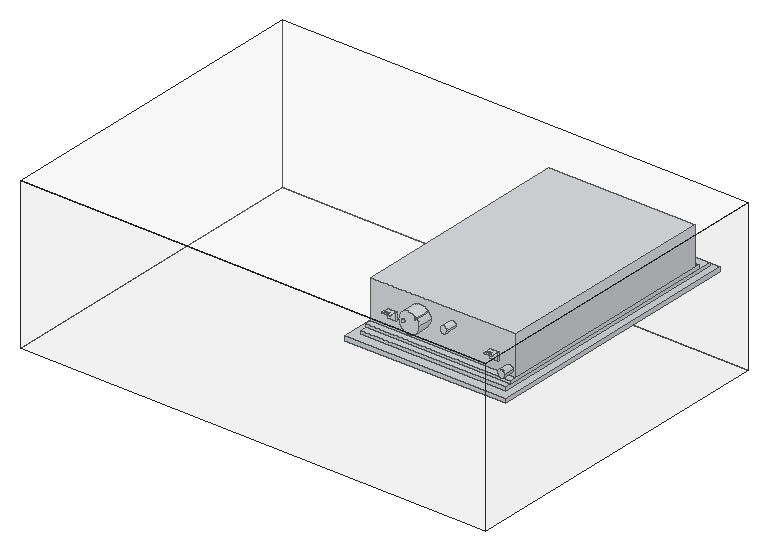
Revit family "pm-hrp40_80fa18_50Hz", category 機械設備, Revit 2019
Family settings
  丸型コネクタ寸法 = 直径を使用
  パーツ タイプ = 標準
  OmniClass 番号 = 23.75.10.24.21.27.27
  OmniClass タイトル = Split System Air Conditioning Units
  作業面ベース = いいえ
  常に垂直 = はい
  ロード時にボイドで切り取り = いいえ
  共有 = いいえ
  部屋計算ポイント = はい
Parameters (values of type "天井1方向_PM-HRP80FA18")
  風量（静）（m3／min） = 14
  風量（強）（m3／min） = 20
  風量（弱）（m3／min） = 16
  風量（中）（m3／min） = 18
  風量 = MAX風量  # 1200.0 m³/h
  音響パワーレベル（弱）(dB) = 51
  音響パワーレベル（中2）(dB) = 53
  音響パワーレベル（中1）(dB) = 55
  音響パワーレベル(dB) = 59
  電源種別 = ""
  電源_H = 60 mm
  電圧_電気ヒーター = 0 V
  電圧 = 200 V
  電動機出力_送風機 = 0.095 kW
  運転質量 = 0.00 kg
  連動 = ""
  質量 = if(製品質量 > 運転質量, 製品質量, 運転質量) * 1.2  # 40.20 kg
  負荷分類 = 3_ファン類
  構成品番 = "PM-HRP80FA"
  ドレン管径 (外径) = 32 mm
  ドレン管径 = 25 mm
  サービススペース = yes
  URL = "https://www.mitsubishielectric.co.jp/ldg/wink/ssl/displayProduct.do?pid=323456"
  説明 = "店舗・事務所用パッケージエアコン(Mr.SLIM) [本体]1方向天井カセット形"
  設計暖房能力 = 0.00 kW
  設計冷房能力_顕熱 = 0 kW
  設計冷房能力 = 0 kW
  設置方法 = "カセット形"
  記号 = ""
  製造元 = "三菱電機株式会社"
  製品質量 = 33.50 kg
  製品出荷対象 = "国内"
  製品リリース年月 = "2022/10/11"
  製品グループ = ""
  系統 = ""
  符号 = "PAC-CK1"
  積算_科目 = "1 空気調和設備"
  積算_拾い区分 [instance] = ""
  相 = 1
  盤記号 = ""
  発停方法 = "付属スイッチ"
  特殊仕様 = ""
  火災停止 = ""
  消費電力_電気ヒーター = 0.00 kW
  消費電力_暖房 = 0.10 kW
  消費電力_加湿器 = 0.00 kW
  消費電力_冷房 = 0.11 kW
  消費電力 = if(消費電力_冷房 > 消費電力_暖房, 消費電力_冷房, 消費電力_暖房) + 消費電力_加湿器 + 消費電力_電気ヒーター  # 0.11 kW
  法定耐用年数 = "6"
  極数 = 1
  材質 = ""
  本体マテリアル = none
  有効加湿量 = 0
  暖房能力 = 8.00 kW
  推奨ブレーカー容量 = 0 A
  形式_加湿器 = ""
  形式 = "1方向天井カセット形"
  幹線記号 = ""
  始動方式 = "直入"
  呼称 = "パッケージ形空気調和機_室内機"
  周波数 = 50 Hz
  吊り位置Y = 1173 mm
  吊り位置X = 510 mm
  吊りボルト_H = 117 mm
  台数_手元リモコン = ""
  台数_冷媒分岐ユニット = ""
  参照している仕様書等のバージョン = "公共建築工事標準仕様書（機械設備工事編）平成31年度版"
  加湿給水管径 = 0 mm
  分類コード = "50053003123030"
  分類グループ = ""
  冷房能力 = 7.1 kW
  冷媒高低圧ガス管径 = 0 mm
  冷媒管径符号 = "Bd"
  冷媒管径 = 100 mm
  冷媒液管高さ = 171 mm
  冷媒液管長さ = 72 mm
  冷媒液管径 = 9.5 mm
  冷媒ガス管高さ = 141 mm
  冷媒ガス管長さ = 72 mm
  冷媒ガス管径 = 15.9 mm
  企業コード = "108420"
  付属品_フィルター = ""
  付属品 = ""
  仕様書バージョン = "Version1.0"
  Model = ""
  パネルマテリアル = none
  ドレン管高さ = 159 mm
  コメント [instance] = ""
  ケーブル種類 = ""
  ケーブルサイズ = 0 mm
  Width = 724 mm
  Version = ""
  Uniclass2015Version = "Systems v1.9"
  Uniclass2015Title = "Split coil remote air cooled condensing units"
  Uniclass2015Code = "Pr_70_65_03_84"
  SpecificationReference = ""
  SpecificationDescription = ""
  S_H = 230 mm
  Revision = ""
  ProductInformation = ""
  Panel Width = 800 mm
  Panel Height = 20 mm
  Panel Depth = 1340 mm
  OmniClassCode = "23-33 17 13 11"
  MIN風量 = 風量（静）（m3／min） * 60.0 m³/h  # 840.0 m³/h
  MID風量2 = 風量（弱）（m3／min） * 60.0 m³/h  # 960.0 m³/h
  MID風量 = 風量（中）（m3／min） * 60.0 m³/h  # 1080.0 m³/h
  MAX風量 = 風量（強）（m3／min） * 60.0 m³/h  # 1200.0 m³/h
  IfcTypeProduct = ""
  IfcProduct = ""
  IfcExportType = "AIRCONDITIONINGUNIT"
  IfcExportAs = "IfcUnitaryEquipmentType"
  Height = 225 mm
  Depth = 1112 mm
  価格 = 390000
  Clearance Top = 230 mm
  Clearance Right = 20 mm
  Clearance Left = 1500 mm
  Clearance Front = 150 mm
  Clearance Bottom = 500 mm
  Clearance Back = 150 mm
  Author = "三菱電機株式会社"
Types (8, lengths in mm): name | 風量（静）（m3／min） | 風量（強）（m3／min） | 風量（弱）（m3／min） | 風量（中）（m3／min） | 風量 | 音響パワーレベル（弱）(dB) | 音響パワーレベル（中2）(dB) | 音響パワーレベル（中1）(dB) | 音響パワーレベル(dB) | 電源_H | 電動機出力_送風機 | 質量 | 構成品番 | URL | 製品質量 | 消費電力_暖房 | 消費電力_冷房 | 消費電力 | 暖房能力 | 冷房能力 | 冷媒管径符号 | 冷媒液管径 | 冷媒ガス管径 | MIN風量 | MID風量2 | MID風量 | MAX風量 | 価格
  天井1方向_PM-RP40FA18 | 11 | 15 | 12 | 14 | 900.0 m³/h | 47 | 50 | 52 | 55 | 60 | 0.09 kW | 37.80 kg | "PM-RP40FA" | "https://www.mitsubishielectric.co.jp/ldg/wink/ssl/displayProduct.do?pid=323478" | 31.50 kg | 0.07 kW | 0.08 kW | 0.08 kW | 4.00 kW | 3.6 kW | "Ac" | 6.4 | 12.7 | 660.0 m³/h | 720.0 m³/h | 840.0 m³/h | 900.0 m³/h | 300000
  天井1方向_PM-RP45FA18 | 11 | 15 | 12 | 14 | 900.0 m³/h | 47 | 50 | 52 | 55 | 60 | 0.09 kW | 37.80 kg | "PM-RP45FA" | "https://www.mitsubishielectric.co.jp/ldg/wink/ssl/displayProduct.do?pid=323451" | 31.50 kg | 0.07 kW | 0.08 kW | 0.08 kW | 4.50 kW | 4 kW | "Ac" | 6.4 | 12.7 | 660.0 m³/h | 720.0 m³/h | 840.0 m³/h | 900.0 m³/h | 309000
  天井1方向_PM-RP50FA18 | 11 | 15 | 12 | 14 | 900.0 m³/h | 47 | 50 | 52 | 55 | 60 | 0.09 kW | 37.80 kg | "PM-RP50FA" | "https://www.mitsubishielectric.co.jp/ldg/wink/ssl/displayProduct.do?pid=323452" | 31.50 kg | 0.07 kW | 0.08 kW | 0.08 kW | 5.00 kW | 4.5 kW | "Ac" | 6.4 | 12.7 | 660.0 m³/h | 720.0 m³/h | 840.0 m³/h | 900.0 m³/h | 334000
  天井1方向_PM-RP56FA18 | 14 | 17 | 15 | 16 | 1020.0 m³/h | 50 | 51 | 53 | 55 | 60 | 0.095 kW | 39.00 kg | "PM-RP56FA" | "https://www.mitsubishielectric.co.jp/ldg/wink/ssl/displayProduct.do?pid=323453" | 32.50 kg | 0.07 kW | 0.08 kW | 0.08 kW | 5.60 kW | 5 kW | "Ac" | 6.4 | 12.7 | 840.0 m³/h | 900.0 m³/h | 960.0 m³/h | 1020.0 m³/h | 346000
  天井1方向_PM-RP63FA18 | 14 | 19 | 16 | 17 | 1140.0 m³/h | 50 | 52 | 54 | 56 | 60 | 0.095 kW | 39.00 kg | "PM-RP63FA" | "https://www.mitsubishielectric.co.jp/ldg/wink/ssl/displayProduct.do?pid=323649" | 32.50 kg | 0.08 kW | 0.09 kW | 0.09 kW | 6.30 kW | 5.6 kW | "Ac" | 6.4 | 12.7 | 840.0 m³/h | 960.0 m³/h | 1020.0 m³/h | 1140.0 m³/h | 360000
  天井1方向_PM-RP71FA18 | 14 | 20 | 16 | 18 | 1200.0 m³/h | 51 | 53 | 55 | 58 | 60 | 0.095 kW | 39.00 kg | "PM-RP71FA" | "https://www.mitsubishielectric.co.jp/ldg/wink/ssl/displayProduct.do?pid=323454" | 32.50 kg | 0.09 kW | 0.10 kW | 0.10 kW | 7.00 kW | 6.3 kW | "Bd" | 9.5 | 15.9 | 840.0 m³/h | 960.0 m³/h | 1080.0 m³/h | 1200.0 m³/h | 366000
  天井1方向_PM-RP80FA18 | 14 | 20 | 16 | 18 | 1200.0 m³/h | 51 | 53 | 55 | 58 | 0 | 0.095 kW | 39.00 kg | "PM-RP80FA" | "https://www.mitsubishielectric.co.jp/ldg/wink/ssl/displayProduct.do?pid=323455" | 32.50 kg | 0.09 kW | 0.10 kW | 0.10 kW | 8.00 kW | 7.1 kW | "Bd" | 9.5 | 15.9 | 840.0 m³/h | 960.0 m³/h | 1080.0 m³/h | 1200.0 m³/h | 383000
  天井1方向_PM-HRP80FA18 | 14 | 20 | 16 | 18 | 1200.0 m³/h | 51 | 53 | 55 | 59 | 60 | 0.095 kW | 40.20 kg | "PM-HRP80FA" | "https://www.mitsubishielectric.co.jp/ldg/wink/ssl/displayProduct.do?pid=323456" | 33.50 kg | 0.10 kW | 0.11 kW | 0.11 kW | 8.00 kW | 7.1 kW | "Bd" | 9.5 | 15.9 | 840.0 m³/h | 960.0 m³/h | 1080.0 m³/h | 1200.0 m³/h | 390000
Reference planes
  plane 1 "中心(正面/背面)": y = 0
  plane 2: z = 0
  plane 3 "中心(左/右)": x = 0
  plane 4: x = -400
  plane 5: x = 400
  plane 6: y = 670
  plane 7: y = -670
  plane 8: z = 225
  plane 9: z = 230
  plane 10: x = -255
  plane 11: x = 255
  plane 12: y = 586.5
  plane 13: y = -586.5
  plane 14: y = 556
  plane 15: y = -556
  plane 16: x = -362
  plane 17: x = 362
  plane 18: x = -1900
  plane 19: x = 420
  plane 20: y = 820
  plane 21: y = -820
  plane 22: z = 230
  plane 23: z = -20
  plane 24: z = -520
Dimensions and locks
  equal spacing: plane 4, plane 3 "中心(左/右)", plane 5
  plane 4 to plane 5 = 800 mm
  equal spacing: plane 7, plane 1 "中心(正面/背面)", plane 6
  plane 4 to plane 10 = 145 mm
  plane 11 to plane 5 = 145 mm
  "S_H": plane 9 to level
  "吊り位置X": plane 10 to plane 11
  equal spacing: plane 10, plane 3 "中心(左/右)", plane 11
  equal spacing: plane 13, plane 1 "中心(正面/背面)", plane 12
  "吊り位置Y": plane 13 to plane 12
  equal spacing: plane 15, plane 1 "中心(正面/背面)", plane 14
  "Depth": plane 15 to plane 14
  equal spacing: plane 16, plane 3 "中心(左/右)", plane 17
  "Width": plane 16 to plane 17
  "Clearance Left": plane 18 to plane 4
  "Clearance Right": plane 5 to plane 19
  "Clearance Back": plane 6 to plane 20
  "Clearance Front": plane 21 to plane 7
  locked: level to plane 23 at 20
  "Clearance Bottom": plane 23 to plane 24
  "Clearance Top": plane 22 to level
  plane 12 to plane 6 = 83.5 mm
  plane 7 to plane 13 = 83.5 mm
  plane 7 to plane 6 = 1340 mm
  "Height": plane 8 to level
  aligned and locked: level to plane 2
  aligned and locked: plane 10 to nested 2
  aligned and locked: plane 11 to nested 2
  aligned and locked: nested 2 to plane 12
  aligned and locked: plane 13 to nested 2
  aligned and locked: plane 18 to nested 1
  aligned and locked: plane 19 to nested 1
  aligned and locked: nested 1 to plane 21
  aligned and locked: nested 1 to plane 20
  aligned and locked: plane 22 to nested 1
  aligned and locked: plane 24 to nested 1
  aligned and locked: plane 1 "中心(正面/背面)" to nested 3
  aligned and locked: nested 3 to plane 3 "中心(左/右)"
Nested families
  nested 1: "サービススペース" at (-740, 0, -145), visible <- "サービススペース", type "サービススペース"
    with Width 2320 mm, Height 750 mm, Depth 1640 mm
  nested 2: "固定点" at (-255, -586.5, 0), type "固定点"
    with W 510 mm, D 1173 mm
  nested 3: "PM-RP○○FA17" at (0, 0, 0) x (0, -1, 0) z (0, 0, 1), type "PM-RP○○FA17"
    with ユニット表示 yes, 液配管サイズ 9.5 mm, 冷媒液管径-Z 171 mm, 冷媒ガス管径-Z 141 mm, ドレン配管サイズ 32 mm, ガス配管サイズ 15.9 mm
Connectors
  piping at (47, -613, 159), diameter 25, driven by "ドレン管径"
    settings: on nested 3, index 1, connector inside diameter 609.6 mm, connector length 0 mm, flow factor 0, pipe flow 0.0 L/s, pressure drop 0.0 Pa, fitting loss kfactor 0, connector angle 0.00°, fixture units 0, engagement length 0 mm, angle of deflection 0.00°, flow configuration 1, flow direction 2, fitting loss method 4, system type 16, joint type 0, gender type 0, connector reference index -1, connector utility 0, adjustable connector no, is connector primary yes, connector description ""
  piping at (-113, -628, 141), diameter 100, driven by "冷媒管径", driven by "冷媒管径符号"
    settings: on nested 3, index 2, connector inside diameter 609.6 mm, connector length 0 mm, flow factor 0, pipe flow 0.0 L/s, pressure drop 0.0 Pa, fitting loss kfactor 0, connector angle 0.00°, fixture units 0, engagement length 0 mm, angle of deflection 0.00°, flow configuration 1, flow direction 1, fitting loss method 4, system type 7, joint type 0, gender type 0, connector reference index -1, connector utility 0, adjustable connector no, is connector primary no, connector description "Bd"
  electrical at (330, -606, 60), driven by "極数", driven by "負荷分類", driven by "電圧", driven by "消費電力"
    settings: on nested 3, index 3, voltage 200 V, apparent load 110 VA, apparent load phase1 0 VA, apparent load phase2 0 VA, apparent load phase3 0 VA, power factor 1, load classification "3_ファン類", number of poles 1, system type 30, power factor state 1, is connector primary yes, connector utility no, sub classification motor no, connector description ""
Definition of nested family "サービススペース"
  Parameters (values of type "サービススペース")
    Width [instance] = 500 mm
    Height [instance] = 500 mm
    Depth [instance] = 500 mm
  Reference planes
    plane 1 "中心(正面/背面)": y = 0
    plane 2: z = 0
    plane 3 "中心(左/右)": x = 0
    plane 4: y = -250
    plane 5: x = 250
    plane 6: y = 250
    plane 7: x = -250
    plane 8: z = 250
    plane 9: z = -250
  Forms (mm)
    Extrusion 1, solid
      sketch origin (-638.939, 0, 72.39) x (1, 0, 0) y (0, 1, 0)
        loop
          line (388.939, 250) -> (388.939, -250) -> (888.939, -250) -> (888.939, 250) -> (388.939, 250)
      from -322.39 to 177.61
  Lines and regions (mm)
    symbolic lines
      curve 1: line (-250, 0, 250) -> (250, 0, 250)
      curve 2: line (-250, 0, -250) -> (-250, 0, 250)
      curve 3: line (250, 0, -250) -> (-250, 0, -250)
      curve 4: line (250, 0, 250) -> (250, 0, -250)
      curve 5: line (0, -250, 250) -> (0, 250, 250)
      curve 6: line (0, -250, -250) -> (0, -250, 250)
      curve 7: line (0, 250, -250) -> (0, -250, -250)
      curve 8: line (0, 250, 250) -> (0, 250, -250)
      curve 9: line (-250, 250, 0) -> (250, 250, 0)
      curve 10: line (-250, -250, 0) -> (-250, 250, 0)
      curve 11: line (250, -250, 0) -> (-250, -250, 0)
      curve 12: line (250, 250, 0) -> (250, -250, 0)
  Dimensions and locks
    equal spacing: plane 7, plane 3 "中心(左/右)", plane 5
    equal spacing: plane 4, plane 1 "中心(正面/背面)", plane 6
    "Depth": plane 4 to plane 6
    "Width": plane 7 to plane 5
    equal spacing: plane 8, plane 2, plane 9
    "Height": plane 8 to plane 9
    aligned and locked: plane 9 to curve 3
    aligned and locked: plane 7 to curve 2
    aligned and locked: curve 4 to plane 5
    aligned and locked: plane 5 to Extrusion 1
    aligned and locked: Extrusion 1 to plane 7
    aligned and locked: Extrusion 1 to plane 9
    aligned and locked: plane 8 to Extrusion 1
    aligned and locked: plane 9 to curve 7
  Automatic sketch dimensions
    plane 4 to Extrusion 1 sketch curve = 0 mm
    Extrusion 1 sketch curve to plane 7 = 0 mm
    Extrusion 1 sketch curve to plane 5 = 0 mm
    plane 6 to Extrusion 1 sketch curve = 0 mm
    curve 2 to plane 8 = 0 mm
    plane 4 to curve 11 = 0 mm
    curve 11 to plane 7 = 0 mm
    curve 11 to plane 5 = 0 mm
    plane 6 to curve 10 = 0 mm
    curve 7 to plane 4 = 0 mm
    curve 7 to plane 6 = 0 mm
    curve 6 to plane 8 = 0 mm
Definition of nested family "PM-RP○○FA17"
  Parameters (values of type "PM-RP○○FA17")
    配線取出口サイズ = 36 mm
    配線取出口-Z = 60 mm
    配線取出口-Y = 32 mm
    配線取出口-X = 50 mm
    液配管サイズ = 6.4 mm
    冷媒ガス管径-Z2 = 141 mm
    冷媒ガス管径-Z1 = 171 mm
    A = 幅さ + 228 mm  # 1340 mm
    高さ = 225 mm
    奥行き = 724 mm
    吊りボルト_H = 117 mm
    冷媒配管 = 100 mm
    冷媒液管径-Z = 156 mm
    冷媒液管径-Y = 445 mm
    冷媒液管径-X = 72 mm
    冷媒ガス管径-Z = 156 mm
    冷媒ガス管径-Y = 505 mm
    冷媒ガス管径-X = 72 mm
    ユニット表示 [instance] = yes
    ボルトピッチ = 510 mm
    ドレン配管サイズ = 25 mm
    ドレン管径-Z = 159 mm
    ドレン管径-Y = 315 mm
    ドレン管径-X = 57 mm
    ガス配管サイズ = 12.7 mm
    D = 幅さ + 61 mm  # 1173 mm
    幅さ = 1112 mm
    B = 幅さ + 188 mm  # 1300 mm
  Reference planes
    plane 1 "中心(正面/背面)": y = 0
    plane 2: z = 0
    plane 3 "中心(左/右)": x = 0
    plane 4: x = -670
    plane 5: x = 670
    plane 6: y = 400
    plane 7: y = -400
    plane 8: z = 225
    plane 9: z = -20
    plane 10: x = -556
    plane 11: x = 556
    plane 12: y = 362
    plane 13: y = -362
    plane 14: z = 16
    plane 15: x = -650
    plane 16: x = 650
    plane 17: x = 586.5
    plane 18: x = -586.5
    plane 19: z = 32
    plane 20: x = 620
    plane 21: y = 255
    plane 22: y = -255
    plane 23: x = 628
    plane 24: y = -143
    plane 25: z = 156
    plane 26: x = 628
    plane 27: y = -83
    plane 28: x = 613
    plane 29: y = 47
    plane 30: z = 159
    plane 31: x = 606
    plane 32: y = 330
    plane 33: z = 60
    plane 34: z = 117
    plane 35: z = 115
    plane 36: z = 75
    plane 37: y = 275
    plane 38: y = 235
    plane 39: y = -235
    plane 40: y = -275
    plane 41: y = 260
    plane 42: y = 250
    plane 43: y = -250
    plane 44: y = -260
    plane 45: x = -596
    plane 46: x = 596
    plane 47: x = -558
    plane 48: x = 558
    plane 49: z = 141
    plane 50: z = 171
  Forms (mm)
    Extrusion 1, solid, visible <- "ユニット表示", detail levels fine
      sketch origin (0, 0, 0) x (1, 0, 0) y (0, 1, 0)
        loop
          line (-556, 362) -> (-556, -362) -> (556, -362) -> (556, 362) -> (-556, 362)
      from 32 to 225
    Extrusion 2, solid, visible <- "ユニット表示", detail levels fine
      sketch origin (-1437.329, -1524, 16) x (-1, 0, 0) y (0, -1, 0)
        loop
          line (-850.829, -1886) -> (-850.829, -1162) -> (-2023.829, -1162) -> (-2023.829, -1886) -> (-850.829, -1886)
      from 0 to 16
    Extrusion 3, solid, visible <- "ユニット表示", detail levels fine
      sketch origin (-1437.329, -1524, 16) x (-1, 0, 0) y (0, -1, 0)
        loop
          line (-787.329, -1886) -> (-787.329, -1162) -> (-2057.329, -1162) -> (-2057.329, -1886) -> (-787.329, -1886)
      from 0 to -16
    Extrusion 4, solid, visible <- "ユニット表示", detail levels fine
      sketch origin (556, 1296.25, 1200) x (0, 1, 0) y (0, 0, 1)
        loop
          circle (-1439.25, -1059) r 6.35
      from 0 to 72
    Extrusion 5, solid, visible <- "ユニット表示", detail levels fine
      sketch origin (556, 1296.25, 1200) x (0, 1, 0) y (0, 0, 1)
        loop
          circle (-1379.25, -1029) r 3.2
      from 0 to 72
    Extrusion 6, solid, visible <- "ユニット表示", detail levels fine
      sketch origin (556, 1296.25, 1200) x (0, 1, 0) y (0, 0, 1)
        loop
          circle (-1249.25, -1041) r 12.5
      from 0 to 57
    Extrusion 7, solid, visible <- "ユニット表示", detail levels fine
      sketch origin (556, 1296.25, 1200) x (0, 1, 0) y (0, 0, 1)
        loop
          circle (-966.25, -1140) r 18
      from 0 to 50
    Extrusion 8, solid, visible <- "ユニット表示", detail levels fine
      sketch origin (556, 1306.25, 1200) x (0, 1, 0) y (0, 0, 1)
        loop
          circle (-1419.25, -1044) r 50
      from 0 to 72
    Extrusion 9, solid, visible <- "ユニット表示"
      sketch origin (0, 0, 0) x (1, 0, 0) y (0, 1, 0)
        loop
          line (-670, 400) -> (-670, -400) -> (670, -400) -> (670, 400) -> (-670, 400)
      from 0 to -20
    Extrusion 10, solid, visible <- "ユニット表示", detail levels fine
      sketch origin (0, 0, 0) x (1, 0, 0) y (0, 1, 0)
        loop
          line (-581.5, 260) -> (-581.5, 250)
          arc (-581.5, 250) -> (-586.5, 245) -> (-591.5, 250) r 5
          line (-591.5, 250) -> (-596, 250) -> (-596, 235) -> (-556, 235) -> (-556, 275) -> (-596, 275) -> (-596, 260) -> (-591.5, 260)
          arc (-591.5, 260) -> (-586.5, 265) -> (-581.5, 260) r 5
        loop
          arc (581.5, 260) -> (586.5, 265) -> (591.5, 260) r 5
          line (591.5, 260) -> (596, 260) -> (596, 275) -> (556, 275) -> (556, 235) -> (596, 235) -> (596, 250) -> (591.5, 250)
          arc (591.5, 250) -> (586.5, 245) -> (581.5, 250) r 5
          line (581.5, 250) -> (581.5, 260)
        loop
          line (581.5, -260) -> (581.5, -250)
          arc (581.5, -250) -> (586.5, -245) -> (591.5, -250) r 5
          line (591.5, -250) -> (596, -250) -> (596, -235) -> (556, -235) -> (556, -275) -> (596, -275) -> (596, -260) -> (591.5, -260)
          arc (591.5, -260) -> (586.5, -265) -> (581.5, -260) r 5
        loop
          arc (-581.5, -260) -> (-586.5, -265) -> (-591.5, -260) r 5
          line (-591.5, -260) -> (-596, -260) -> (-596, -275) -> (-556, -275) -> (-556, -235) -> (-596, -235) -> (-596, -250) -> (-591.5, -250)
          arc (-591.5, -250) -> (-586.5, -245) -> (-581.5, -250) r 5
          line (-581.5, -250) -> (-581.5, -260)
      from 115 to 117
    Extrusion 11, solid, visible <- "ユニット表示", detail levels fine
      sketch origin (0, 0, 0) x (1, 0, 0) y (0, 1, 0)
        loop
          line (-558, 275) -> (-558, 235) -> (-556, 235) -> (-556, 275) -> (-558, 275)
        loop
          line (556, 275) -> (556, 235) -> (558, 235) -> (558, 275) -> (556, 275)
        loop
          line (556, -235) -> (556, -275) -> (558, -275) -> (558, -235) -> (556, -235)
        loop
          line (-558, -235) -> (-558, -275) -> (-556, -275) -> (-556, -235) -> (-558, -235)
      from 75 to 115
  Dimensions and locks
    equal spacing: plane 7, plane 1 "中心(正面/背面)", plane 6
    plane 7 to plane 6 = 800 mm
    equal spacing: plane 4, plane 3 "中心(左/右)", plane 5
    "A": plane 4 to plane 5
    locked: level to plane 9 at 20
    equal spacing: plane 13, plane 1 "中心(正面/背面)", plane 12
    "奥行き": plane 13 to plane 12
    equal spacing: plane 10, plane 3 "中心(左/右)", plane 11
    "幅さ": plane 10 to plane 11
    locked: plane 14 to level at 16
    equal spacing: plane 15, plane 3 "中心(左/右)", plane 16
    "B": plane 15 to plane 16
    equal spacing: plane 18, plane 3 "中心(左/右)", plane 17
    "D": plane 18 to plane 17
    equal spacing: plane 22, plane 1 "中心(正面/背面)", plane 21
    "ボルトピッチ": plane 22 to plane 21
    "冷媒ガス管径-X": plane 11 to plane 23
    "冷媒ガス管径-Y": plane 24 to plane 12
    "冷媒液管径-X": plane 11 to plane 26
    "冷媒液管径-Y": plane 27 to plane 12
    "ドレン管径-X": plane 11 to plane 28
    "ドレン管径-Y": plane 29 to plane 12
    "配線取出口-X": plane 11 to plane 31
    "配線取出口-Y": plane 32 to plane 12
    "配線取出口-Z": plane 33 to level
    "ドレン管径-Z": plane 30 to level
    "冷媒ガス管径-Z": plane 25 to level
    locked: plane 35 to plane 36 at 40
    locked: plane 34 to plane 35 at 2
    "吊りボルト_H": plane 34 to level
    plane 40 to plane 22 to plane 39 = 20 mm locked, 20 mm locked
    plane 38 to plane 21 to plane 37 = 20 mm locked, 20 mm locked
    plane 44 to plane 22 to plane 43 = 5 mm locked, 5 mm locked
    plane 42 to plane 21 to plane 41 = 5 mm locked, 5 mm locked
    locked: plane 45 to plane 10 at 40
    locked: plane 11 to plane 46 at 40
    locked: plane 11 to plane 48 at 2
    locked: plane 47 to plane 10 at 2
    plane 16 to plane 15 = 1300 mm
    plane 4 to plane 15 = 20 mm
    plane 15 to plane 10 = 94 mm
    plane 11 to plane 16 = 94 mm
    plane 12 to plane 6 = 38 mm
    locked: plane 19 to plane 14 at 16
    "高さ": plane 8 to level
    equal spacing: plane 24, Extrusion 8 sketch curve, plane 27
    plane 7 to plane 13 = 38 mm
    plane 16 to plane 5 = 20 mm
    "冷媒ガス管径-Z2": plane 49 to level
    "冷媒ガス管径-Z1": plane 50 to level
    "ガス配管サイズ": diameter of Extrusion 4 sketch curve
    "液配管サイズ": diameter of Extrusion 5 sketch curve
    "配線取出口サイズ": diameter of Extrusion 7 sketch curve
    "冷媒配管": diameter of Extrusion 8 sketch curve
    "ドレン配管サイズ": diameter of Extrusion 6 sketch curve
    aligned and locked: level to plane 2
    aligned and locked: plane 12 to Extrusion 1 sketch curve
    aligned and locked: plane 10 to Extrusion 1 sketch curve
    aligned and locked: Extrusion 1 sketch curve to plane 13
    aligned and locked: Extrusion 1 sketch curve to plane 11
    aligned and locked: plane 8 to Extrusion 1
    aligned and locked: plane 12 to Extrusion 2 sketch curve
    aligned and locked: plane 18 to Extrusion 2 sketch curve
    aligned and locked: Extrusion 2 sketch curve to plane 13
    aligned and locked: Extrusion 2 sketch curve to plane 17
    aligned and locked: plane 19 to Extrusion 2
    aligned and locked: Extrusion 1 to Extrusion 2
    aligned and locked: plane 12 to Extrusion 3 sketch curve
    aligned and locked: Extrusion 3 sketch curve to plane 13
    aligned and locked: Extrusion 3 sketch curve to plane 20
    aligned and locked: Extrusion 3 to level
    aligned and locked: plane 14 to Extrusion 3
    aligned and locked: plane 24 to Extrusion 4 sketch curve
    aligned and locked: Extrusion 4 to plane 11
    aligned and locked: plane 23 to Extrusion 4
    aligned and locked: plane 27 to Extrusion 5 sketch curve
    aligned and locked: plane 26 to Extrusion 5
    aligned and locked: Extrusion 5 to plane 11
    aligned and locked: plane 30 to Extrusion 6 sketch curve
    aligned and locked: plane 29 to Extrusion 6 sketch curve
    aligned and locked: Extrusion 6 to plane 11
    aligned and locked: plane 28 to Extrusion 6
    aligned and locked: plane 33 to Extrusion 7 sketch curve
    aligned and locked: plane 32 to Extrusion 7 sketch curve
    aligned and locked: Extrusion 7 to plane 11
    aligned and locked: plane 31 to Extrusion 7
    aligned and locked: plane 25 to Extrusion 8 sketch curve
    aligned and locked: Extrusion 8 to plane 11
    aligned and locked: plane 26 to Extrusion 8
    aligned and locked: level to Extrusion 9
    aligned and locked: Extrusion 9 to plane 9
    aligned and locked: Extrusion 10 sketch curve to plane 10
    aligned and locked: plane 34 to Extrusion 10
    aligned and locked: Extrusion 10 to plane 35
    aligned and locked: plane 37 to Extrusion 10 sketch curve
    aligned and locked: plane 45 to Extrusion 10 sketch curve  (x2)
    aligned and locked: Extrusion 10 sketch curve to plane 38
    aligned and locked: Extrusion 10 sketch curve to plane 42
    aligned and locked: Extrusion 10 sketch curve to plane 41
    aligned and locked: plane 41 to Extrusion 10 sketch curve  (x3)
    aligned and locked: plane 42 to Extrusion 10 sketch curve  (x3)
    aligned and locked: plane 18 to Extrusion 10 sketch curve  (x4)
    aligned and locked: plane 10 to Extrusion 10 sketch curve
    aligned and locked: Extrusion 10 sketch curve to plane 39
    aligned and locked: plane 40 to Extrusion 10 sketch curve
    aligned and locked: plane 44 to Extrusion 10 sketch curve  (x3)
    aligned and locked: plane 43 to Extrusion 10 sketch curve  (x3)
    aligned and locked: Extrusion 10 sketch curve to plane 43
    aligned and locked: Extrusion 10 sketch curve to plane 44
    aligned and locked: Extrusion 10 sketch curve to plane 45  (x2)
    aligned and locked: plane 11 to Extrusion 10 sketch curve
    aligned and locked: Extrusion 10 sketch curve to plane 46  (x2)
    aligned and locked: plane 17 to Extrusion 10 sketch curve  (x4)
    aligned and locked: Extrusion 10 sketch curve to plane 40
    aligned and locked: plane 39 to Extrusion 10 sketch curve
    aligned and locked: plane 46 to Extrusion 10 sketch curve  (x2)
    aligned and locked: plane 38 to Extrusion 10 sketch curve
    aligned and locked: Extrusion 10 sketch curve to plane 11
    aligned and locked: Extrusion 10 sketch curve to plane 37
    aligned and locked: plane 37 to Extrusion 11 sketch curve
    aligned and locked: plane 47 to Extrusion 11 sketch curve  (x2)
    aligned and locked: Extrusion 11 sketch curve to Extrusion 10  (x8)
    aligned and locked: Extrusion 11 sketch curve to plane 38
    aligned and locked: Extrusion 11 sketch curve to plane 48  (x2)
    aligned and locked: Extrusion 11 sketch curve to plane 40
    aligned and locked: plane 39 to Extrusion 11 sketch curve
    aligned and locked: Extrusion 11 to Extrusion 10
    aligned and locked: Extrusion 11 to plane 36
    aligned and locked: plane 49 to Extrusion 4 sketch curve
    aligned and locked: plane 50 to Extrusion 5 sketch curve
  Automatic sketch dimensions
    Extrusion 9 sketch curve to plane 4 = 0 mm
    Extrusion 9 sketch curve to plane 5 = 0 mm
    plane 7 to Extrusion 9 sketch curve = 0 mm
    plane 6 to Extrusion 9 sketch curve = 0 mm
    Extrusion 10 sketch curve to plane 18 = 5 mm  (x2)
    Extrusion 10 sketch curve to plane 17 = 5 mm  (x2)
    Extrusion 3 sketch curve to plane 15 = 0 mm
Definition of nested family "固定点"
  Parameters (values of type "固定点")
    中心円 = 20 mm
    W [instance] = 1000 mm
    D [instance] = 1000 mm
  Reference planes
    plane 1 "中心(正面/背面)": y = 0
    plane 2: z = 0
    plane 3 "中心(左/右)": x = 0
    plane 4: x = 1000
    plane 5: y = 1000
  Lines and regions (mm)
    symbolic lines, detail levels fine
      curve 1: circle (0, 1000, 0) r 10 normal (0, 0, 1)
      curve 2: circle (0, 0, 0) r 10 normal (0, 0, 1)
      curve 3: circle (1000, 1000, 0) r 10 normal (0, 0, 1)
      curve 4: circle (1000, 0, 0) r 10 normal (0, 0, 1)
      curve 5: line (-200, 1000, 0) -> (1200, 1000, 0)
      curve 6: line (-200, 0, 0) -> (1200, 0, 0)
      curve 7: line (0, 1200, 0) -> (0, -200, 0)
      curve 8: line (1000, 1200, 0) -> (1000, -200, 0)
  Dimensions and locks
    "W": plane 3 "中心(左/右)" to plane 4
    "D": plane 1 "中心(正面/背面)" to plane 5
    "中心円": diameter of curve 1
    "中心円": diameter of curve 2
    "中心円": diameter of curve 3
    "中心円": diameter of curve 4
    aligned and locked: level to plane 2
    aligned and locked: plane 5 to curve 1
    aligned and locked: plane 3 "中心(左/右)" to curve 1
    aligned and locked: plane 3 "中心(左/右)" to curve 2
    aligned and locked: plane 1 "中心(正面/背面)" to curve 2
    aligned and locked: plane 4 to curve 3
    aligned and locked: plane 5 to curve 3
    aligned and locked: plane 1 "中心(正面/背面)" to curve 4
    aligned and locked: plane 4 to curve 4
    aligned and locked: plane 1 "中心(正面/背面)" to curve 6
    aligned and locked: curve 7 to plane 3 "中心(左/右)"
    aligned and locked: curve 8 to plane 4
  Automatic sketch dimensions
    curve 5 to plane 5 = 0 mm
    curve 6 to plane 3 "中心(左/右)" = 200 mm
    curve 5 to plane 3 "中心(左/右)" = 200 mm
    curve 4 to curve 6 = 200 mm
    curve 3 to curve 5 = 200 mm
    plane 1 "中心(正面/背面)" to curve 8 = 200 mm
    plane 1 "中心(正面/背面)" to curve 7 = 200 mm
    curve 3 to curve 8 = 200 mm
    curve 1 to curve 7 = 200 mm
